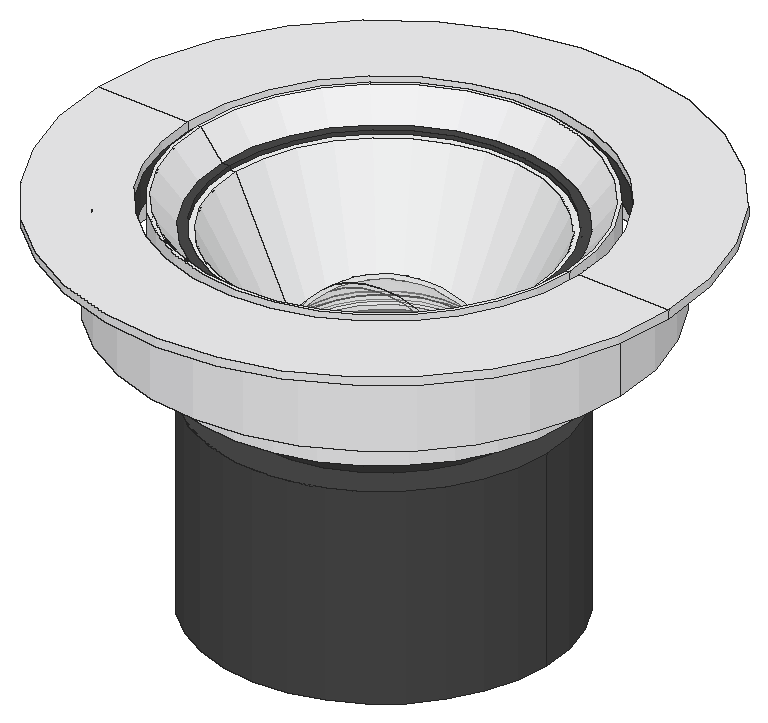
Revit family "2070040", category Lighting Fixtures, host Face, Revit 2018
Family settings
  Host = Face
  Round Connector Dimension = Use Diameter
  Part Type = Normal
  OmniClass Number = 23.80.70.11.17
  OmniClass Title = Specialized Lighting by Location or Use
  Cut with Voids When Loaded = No
  Light Source = No
  Shared = No
  Room Calculation Point = No
Parameters (values of type "2070040 EXPOSPOT 90 ADJ HE RA90 4000K WB WHITE")
  Weight = 0.77 kg  # constant formula
  Total Power Consumption = 27.9994 W
  Reflector Material = Aluminum_Sylvania_Expospot_Polished
  Radius = Diameter / 2  # 75.0 mm
  Product Code = "0060262"
  Photometric Web File = IES_Expospot_90_Adjustable : 0060272
  Photobiological Risk Group = "RG1"  # constant formula
  Nominal Frequency = "50/60Hz"  # constant formula
  Mounting Outer Radius = Head Radius + 3.0 mm  # 52.0 mm
  Max. Luminaires per 20A C Breaker = "45"  # constant formula
  Max. Luminaires per 20A B Breaker = "27"  # constant formula
  Max. Luminaires per 16A C Breaker = "35"  # constant formula
  Max. Luminaires per 16A B Breaker = "21"  # constant formula
  Max. Luminaires per 13A C Breaker = "28"  # constant formula
  Max. Luminaires per 13A B Breaker = "17"  # constant formula
  Max. Luminaires per 10A C Breaker = "21"  # constant formula
  Max. Luminaires per 10A B Breaker = "13"  # constant formula
  Light Loss Factor = 1  # constant formula
  Lamp Power Factor = 0.92
  LOR = "100%"  # constant formula
  Keynote = "n/a"
  Inrush Duration = "250µs"  # constant formula
  Inrush Current = 19.4 A  # constant formula
  Initial Intensity = 3126 lm
  Initial Color = 3000 K
  IP Rating = "IP20"  # constant formula
  IK Rating = "IK02"  # constant formula
  Height = 103.0 mm  # constant formula
  Voltage Comments = "220-240V~"  # constant formula
  Voltage = 240 V  # constant formula
  URL = "0.92"
  Product Page URL = "http://www.sylvania-lighting.com/product/en-int/products/0060262"
  Product Family = "EXPOSPOT 90 ADJUSTABLE"  # constant formula
  Head Radius = Radius - 26.0 mm  # 49.0 mm
  Head Diameter = Head Radius * 2  # 98.0 mm
  Head Angle [instance] = 0°
  Glow Wire Test = 850 °C  # constant formula
  Electrical Protection = "Class II"  # constant formula
  Drive Current = "700mA"  # constant formula
  Dimmable = "N"  # constant formula
  Diffuser Material = Acrylic_Sylvania_Expospot_3000K
  Diameter = 150.0 mm  # constant formula
  Cutout Diameter = Diameter - 10.0 mm  # 140.0 mm
  Created by URL = "http://all1studio.com/"
  Created by = "All 1 Studio Ltd. "  # constant formula
  Control Gear Type = "Electronic"  # constant formula
  Control Gear Required = "No"  # constant formula
  Control Gear Mounting = "Remote"  # constant formula
  Colour Variation Initial = "3SDCM"  # constant formula
  built-in parameter 1114216 [instance] = 1 (stored number, unit not read)
  Model = "EXPOSPOT 90 ADJUSTABLE HE RA90 4000K WB WHITE"
  Manufacturer = "Feilo Sylvania"  # constant formula
  Lamp = "LED"  # constant formula
  CRI = "80Ra"
  Body Material = Aluminum_Sylvania_Expospot_White
  Description = "Specifically designed for Retail and Display applications. I.e. Supermarkets Fashion Retail Department stores. Build around a 90mm reflector and lens combination."  # constant formula
  Default Elevation = 0.0 mm
  built-in parameter 1140040 [instance] = 1
  Beam Angle = 47°
  Average Life = "50 000h"  # constant formula
  Assembly Code = "D5020200"
  Apparent Load Comments = ""
  Apparent Load = 28 VA
  Body Secondary Material = Plastic_Sylvania_Expospot_Black
Reference planes
  plane 1 "Center (Front/Back)": y = 0
  plane 2: z = 0
  plane 3 "Center (Left/Right)": x = -7.423
  plane 4: z = 2
  plane 5: z = -22.5
  plane 6: x = -82.423
  plane 7: z = -5
Forms (mm)
  Revolve 1, solid, material "Aluminum_Sylvania_Expospot_White" <- "Body Material", detail levels fine
    sketch origin (0, 0, 0) x (1, 0, 0) y (0, 0, 1)
      loop
        line (-82.423, 2) -> (-82.423, 0) -> (-69.923, 0) -> (-69.923, -22.5) -> (-67.923, -22.5) -> (-67.923, 0) -> (-58.923, 0) -> (-58.923, 2) -> (-82.423, 2)
      axis (-7.423, 2) -> (-7.423, -22.5)
    angle from 0 to 360
  Revolve 2, solid, material "Plastic_Sylvania_Expospot_Black" <- "Body Secondary Material", detail levels fine
    sketch origin (0, 0, 0) x (1, 0, 0) y (0, 0, 1)
      loop
        line (-67.923, 0) -> (-67.923, -1.5) -> (-60.923, -1.5) -> (-60.923, -8.5) -> (-59.423, -8.5) -> (-59.423, 0) -> (-67.923, 0)
      axis (-7.423, 0) -> (-7.423, -8.5)
    angle from 0 to 360
  Extrusion 3, void
    sketch origin (0, 0, 0) x (1, 0, 0) y (0, 1, 0)
      loop
        circle (-7.423, 0) r 70
    from -116.997 to 69.443
  Extrusion 4, solid, material "Aluminum_Sylvania_Expospot_White" <- "Body Material", detail levels fine
    sketch origin (-7.423, 0, 0) x (0, 1, 0) y (0, 0, 1)
      loop
        circle (0, -5) r 3.5
    from 49 <- "Head Radius" to 52 <- "Mounting Outer Radius"
  Extrusion 5, solid, material "Aluminum_Sylvania_Expospot_White" <- "Body Material", detail levels fine
    sketch origin (-7.423, 0, 0) x (0, 1, 0) y (0, 0, -1)
      loop
        circle (0, 5) r 3.5
    from 49 <- "Head Radius" to 52 <- "Mounting Outer Radius"
  Revolve 6, solid, material "Aluminum_Sylvania_Expospot_White" <- "Body Material", detail levels coarse+medium
    sketch origin (0, 0, 0) x (1, 0, 0) y (0, 0, 1)
      loop
        line (-82.423, 2) -> (-82.423, 0) -> (-69.923, 0) -> (-69.923, -22.5) -> (-67.923, -22.5) -> (-67.923, -8.5) -> (-58.923, -8.5) -> (-58.923, 2) -> (-82.423, 2)
      axis (-7.423, 2) -> (-7.423, -22.5)
    angle from 0 to 360
Lines and regions (mm)
  Masking region 1
    outline origin (0, 0, 0) x (1, 0, 0) y (0, 1, 0)
      loop
        circle (-7.423, 0) r 75
  reference lines
    curve 1: line (-7.423, 0, -5) -> (-7.423, 0, -60)
  symbolic lines, detail levels fine
    curve 2: arc (-58.923, 0, 0) -> (-7.423, 51.5, 0) -> (44.077, 0, 0) r 51.5
    curve 3: arc (44.077, 0, 0) -> (-7.423, -51.5, 0) -> (-58.923, 0, 0) r 51.5
Dimensions and locks
  plane 4 to plane 2 to plane 7 to plane 5 = 2.0 mm locked, 5.0 mm locked, 17.5 mm locked
  "Radius": plane 6 to plane 3 "Center (Left/Right)"
  "Cutout Diameter": diameter of Extrusion 3 sketch curve
  "Head Angle": angle plane 1 "Center (Front/Back)" to curve 1
  aligned and locked: host face to plane 2
  aligned and locked: host face to level
  aligned and locked: plane 6 to Revolve 1 sketch curve
  aligned and locked: Revolve 1 sketch curve to plane 3 "Center (Left/Right)"
  aligned and locked: plane 1 "Center (Front/Back)" to curve 1
  aligned and locked: plane 7 to curve 1
  aligned and locked: plane 6 to Revolve 6 sketch curve
Automatic sketch dimensions
  host sketch curve to host sketch curve = 1412.252 mm
  host sketch curve to host sketch curve = 1359.6 mm
  Revolve 1 sketch curve to level = 0.0 mm  (x2)
  Revolve 1 sketch curve to plane 5 = 0.0 mm
  Revolve 1 sketch curve to plane 4 = 0.0 mm
  Revolve 1 sketch curve to Revolve 1 sketch curve = 12.5 mm
  Revolve 1 sketch curve to Revolve 1 sketch curve = 2.0 mm
  Revolve 1 sketch curve to Revolve 1 sketch curve = 9.0 mm
  Revolve 1 sketch curve to plane 5 = 349.774 mm
  plane 4 to Revolve 1 sketch curve = 1145.706 mm
  Revolve 2 sketch curve to level = 0.0 mm
  Revolve 2 sketch curve to plane 3 "Center (Left/Right)" = 0.0 mm
  Revolve 2 sketch curve to plane 6 = 23.0 mm
  Revolve 2 sketch curve to Revolve 2 sketch curve = 1.5 mm
  Revolve 2 sketch curve to level = 1.5 mm
  Revolve 2 sketch curve to Revolve 2 sketch curve = 7.0 mm
  Revolve 2 sketch curve to plane 7 = 3.5 mm
  Revolve 2 sketch curve to plane 5 = 349.774 mm
  plane 4 to Revolve 2 sketch curve = 1145.706 mm
  plane 1 "Center (Front/Back)" to Extrusion 3 sketch curve = 0.0 mm
  Extrusion 3 sketch curve to plane 3 "Center (Left/Right)" = 0.0 mm
  Extrusion 4 sketch curve to plane 1 "Center (Front/Back)" = 0.0 mm
  Extrusion 4 sketch curve to plane 7 = 0.0 mm
  Extrusion 5 sketch curve to plane 1 "Center (Front/Back)" = 0.0 mm
  Extrusion 5 sketch curve to plane 7 = 0.0 mm
  Revolve 6 sketch curve to level = 0.0 mm
  Revolve 6 sketch curve to plane 5 = 0.0 mm
  Revolve 6 sketch curve to plane 4 = 0.0 mm
  Revolve 6 sketch curve to plane 3 "Center (Left/Right)" = 0.0 mm
  Revolve 6 sketch curve to plane 6 = 12.5 mm
  Revolve 6 sketch curve to plane 7 = 3.5 mm
  Revolve 6 sketch curve to Revolve 6 sketch curve = 9.0 mm
  Revolve 6 sketch curve to plane 5 = 349.774 mm
  plane 4 to Revolve 6 sketch curve = 1145.706 mm
  Revolve 6 sketch curve to Revolve 6 sketch curve = 2.0 mm
  Masking region 1 sketch curve to Masking region 1 sketch curve = 0.0 mm  (x2)
  plane 1 "Center (Front/Back)" to Masking region 1 sketch curve = 0.0 mm
  Masking region 1 sketch curve to plane 6 = 0.0 mm
  Masking region 1 sketch curve to plane 3 "Center (Left/Right)" = 0.0 mm
  curve 2 to curve 3 = 0.0 mm  (x2)
  plane 1 "Center (Front/Back)" to curve 2 = 0.0 mm
  curve 3 to plane 3 "Center (Left/Right)" = 0.0 mm
  curve 3 to plane 6 = 23.5 mm
  radius of Extrusion 4 sketch curve = 3.5 mm
  radius of Extrusion 5 sketch curve = 3.5 mm
Nested families
  nested 1: "Head_Expospot 90" at (-7.423, 0, 2), type "Head_Expospot 90"
  nested 2: "IES_Expospot_90_Adjustable" at (-7.423, 0, 2), type <- "Photometric Web File", type "0060272"
Connectors
  electrical at (-7.423, 0, -101), driven by "Voltage", driven by "Apparent Load", driven by "Lamp Power Factor"
    settings: on nested 1, index 1, voltage 240 V, apparent load 0 VA, apparent load phase1 28 VA, apparent load phase2 0 VA, apparent load phase3 0 VA, power factor 0.92, load classification "Lighting", number of poles 1, system type 31, power factor state 1, is connector primary yes, connector utility no, sub classification motor no, connector description ""
Definition of nested family "Head_Expospot 90"
  Parameters (values of type "Head_Expospot 90")
    Reflector Material = none
    Radius = 49.0 mm
    Height = 103.0 mm
    Diffuser Material = none
    Default Elevation = 0.0 mm
    Cooling Radius = Radius - 6.0 mm  # 43.0 mm
    Body Secondary Material = none
    Body Material = none
  Reference planes
    plane 1 "Center (Front/Back)": y = 0
    plane 2: z = 0
    plane 3 "Center (Left/Right)": x = 0
    plane 4: z = -35.5
    plane 5: z = -6.5
    plane 6 "Fixture Radius": x = -49
    plane 7: z = -45
    plane 8: z = -95
    plane 9: z = -103
    plane 10 "Diffuser Radius": x = -24.5
    plane 11: z = -36.5
  Forms (mm)
    Revolve 1, solid, material <- "Body Material", detail levels fine
      sketch origin (0, 0, 0) x (1, 0, 0) y (0, 0, 1)
        loop
          line (-49, 0) -> (-49, -35.5) -> (-47, -35.5) -> (-47, -4.542) -> (-45.357, -6.5) -> (-42.746, -6.5) -> (-48.2, 0) -> (-49, 0)
        axis (0, 0) -> (0, -35.5)
      angle from 0 to 360
    Revolve 2, solid, material <- "Reflector Material", detail levels fine
      sketch origin (0, 0, 0) x (1, 0, 0) y (0, 0, 1)
        loop
          line (-41, -7.5) -> (-41, -8.5) -> (-39.623, -8.5) -> (-25.123, -37.5) -> (-20.5, -37.5) -> (-20.5, -36.5) -> (-24.5, -36.5) -> (-39, -7.5) -> (-41, -7.5)
        axis (0, -7.5) -> (0, -37.5)
      angle from 0 to 360
    Revolve 3, solid, material <- "Body Secondary Material", detail levels fine
      sketch origin (0, 0, 0) x (1, 0, 0) y (0, 0, 1)
        loop
          line (-47, -6.5) -> (-47, -35.5) -> (-42.5, -35.5) -> (-35.078, -45) -> (0, -45) -> (0, -37.5) -> (-24.5, -37.5) -> (-24.5, -44) -> (-34.59, -44) -> (-42.012, -34.5) -> (-46, -34.5) -> (-46, -7.5) -> (-40.5, -7.5) -> (-40.5, -6.5) -> (-47, -6.5)
        axis (0, -6.5) -> (0, -45)
      angle from 0 to 360
    Revolve 4, solid, material <- "Body Secondary Material", detail levels fine
      sketch origin (0, 0, 0) x (1, 0, 0) y (0, 0, 1)
        loop
          line (-30, -95) -> (-30, -97) -> (-28, -103) -> (0, -103) -> (0, -95) -> (-30, -95)
        axis (0, -95) -> (0, -103)
      angle from 0 to 360
    Extrusion 5, solid, material <- "Body Secondary Material", detail levels fine
      sketch origin (0, 0, 0) x (1, 0, 0) y (0, 1, 0)
        loop
          circle (0, 0) r 43
      from -95 to -45
    Extrusion 6, solid, material <- "Body Material", detail levels coarse+medium
      sketch origin (0, 0, 0) x (1, 0, 0) y (0, 1, 0)
        loop
          circle (0, 0) r 49
      from -103 to 0
    Revolve 7, solid, material <- "Diffuser Material", detail levels fine
      sketch origin (0, 0, 0) x (1, 0, 0) y (0, 0, 1)
        loop
          line (-22.5, -34.5) -> (-22.5, -36.5) -> (-21.5, -36.5) -> (-21.5, -34.77)
          arc (-21.5, -34.77) -> (-12.378, -25.783) -> (0, -22.5) r 24.971
          line (0, -22.5) -> (0, -21.5)
          arc (0, -21.5) -> (-12.993, -24.984) -> (-22.5, -34.5) r 25.971
        axis (0, -21.5) -> (0, -36.5)
      angle from 0 to 360
  Dimensions and locks
    "Radius": plane 3 "Center (Left/Right)" to plane 6 "Fixture Radius"
    locked: Revolve 4 sketch curve to plane 6 "Fixture Radius" at 19
    locked: plane 10 "Diffuser Radius" to plane 6 "Fixture Radius" at 24.5
    Revolve 7 sketch curve to Revolve 7 sketch curve to plane 11 = 1.0 mm locked, 14.0 mm locked
    plane 10 "Diffuser Radius" to Revolve 7 sketch curve to Revolve 7 sketch curve = 2.0 mm locked, 1.0 mm locked
    "Height": plane 2 to plane 9
    locked: plane 8 to plane 9 at 8
    plane 2 to plane 5 to plane 4 to plane 11 to plane 7 = 6.5 mm locked, 29.0 mm locked, 1.0 mm locked, 8.5 mm locked
    "Radius": radius of Extrusion 6 sketch curve
    "Cooling Radius": radius of Extrusion 5 sketch curve
    aligned and locked: level to plane 2
    aligned and locked: Revolve 1 sketch curve to plane 6 "Fixture Radius"
    aligned and locked: Extrusion 5 to plane 8
    aligned and locked: plane 7 to Extrusion 5
    aligned and locked: Extrusion 6 to plane 9
    aligned and locked: plane 2 to Extrusion 6
    aligned and locked: Revolve 1 sketch curve to plane 4
  Automatic sketch dimensions
    Revolve 4 sketch curve to plane 8 = 0.0 mm
    Revolve 4 sketch curve to plane 9 = 0.0 mm
    Revolve 4 sketch curve to plane 3 "Center (Left/Right)" = 0.0 mm  (x2)
    Revolve 4 sketch curve to plane 8 = 2.0 mm
    Revolve 4 sketch curve to Revolve 4 sketch curve = 2.0 mm
    Revolve 4 sketch curve to plane 9 = 265.545 mm
    level to Revolve 4 sketch curve = 2214.315 mm
    Revolve 1 sketch curve to level = 0.0 mm
    Revolve 1 sketch curve to plane 3 "Center (Left/Right)" = 0.0 mm
    Revolve 1 sketch curve to Revolve 1 sketch curve = 0.8 mm
    Revolve 1 sketch curve to Revolve 1 sketch curve = 2.0 mm
    plane 5 to Revolve 1 sketch curve = 1.958 mm
    Revolve 1 sketch curve to plane 5 = 0.0 mm
    Revolve 1 sketch curve to Revolve 1 sketch curve = 1.643 mm
    Revolve 1 sketch curve to Revolve 1 sketch curve = 2.611 mm
    Revolve 1 sketch curve to plane 9 = 288.545 mm
    level to Revolve 1 sketch curve = 2214.315 mm
    plane 10 "Diffuser Radius" to Revolve 2 sketch curve = 0.0 mm
    Revolve 2 sketch curve to plane 3 "Center (Left/Right)" = 0.0 mm
    Revolve 2 sketch curve to plane 11 = 0.0 mm
    Revolve 2 sketch curve to plane 5 = 1.0 mm
    plane 6 "Fixture Radius" to Revolve 2 sketch curve = 10.0 mm
    Revolve 2 sketch curve to Revolve 2 sketch curve = 2.0 mm
    Revolve 2 sketch curve to plane 10 "Diffuser Radius" = 4.0 mm
    Revolve 2 sketch curve to Revolve 2 sketch curve = 383.045 mm
    Revolve 2 sketch curve to Revolve 2 sketch curve = 2221.815 mm
    plane 10 "Diffuser Radius" to Revolve 2 sketch curve = 0.623 mm
    Revolve 2 sketch curve to Revolve 2 sketch curve = 0.623 mm
    Revolve 2 sketch curve to Revolve 2 sketch curve = 1.0 mm
    Revolve 2 sketch curve to plane 11 = 1.0 mm
    Revolve 3 sketch curve to plane 5 = 0.0 mm
    Revolve 3 sketch curve to plane 4 = 0.0 mm
    Revolve 3 sketch curve to plane 7 = 0.0 mm
    plane 10 "Diffuser Radius" to Revolve 3 sketch curve = 0.0 mm
    Revolve 3 sketch curve to plane 3 "Center (Left/Right)" = 0.0 mm  (x2)
    plane 7 to Revolve 3 sketch curve = 1.0 mm
    plane 10 "Diffuser Radius" to Revolve 3 sketch curve = 10.09 mm
    Revolve 3 sketch curve to Revolve 3 sketch curve = 0.488 mm  (x2)
    Revolve 3 sketch curve to plane 5 = 1.0 mm
    plane 6 "Fixture Radius" to Revolve 3 sketch curve = 8.5 mm
    plane 4 to Revolve 3 sketch curve = 1.0 mm
    plane 6 "Fixture Radius" to Revolve 3 sketch curve = 6.988 mm
    plane 6 "Fixture Radius" to Revolve 3 sketch curve = 3.0 mm
    Revolve 3 sketch curve to Revolve 3 sketch curve = 1.0 mm
    Revolve 3 sketch curve to plane 9 = 265.545 mm
    level to Revolve 3 sketch curve = 2214.315 mm
    Revolve 3 sketch curve to plane 11 = 1.0 mm
    Revolve 7 sketch curve to Revolve 7 sketch curve = 0.0 mm
    Revolve 7 sketch curve to plane 11 = 0.0 mm
    Revolve 7 sketch curve to plane 3 "Center (Left/Right)" = 0.0 mm  (x2)
    plane 4 to Revolve 7 sketch curve = 0.73 mm
    Revolve 7 sketch curve to plane 9 = 278.0 mm
    level to Revolve 7 sketch curve = 156.383 mm
    plane 1 "Center (Front/Back)" to Extrusion 5 sketch curve = 0.0 mm
    Extrusion 5 sketch curve to plane 3 "Center (Left/Right)" = 0.0 mm
    plane 1 "Center (Front/Back)" to Extrusion 6 sketch curve = 0.0 mm
    Extrusion 6 sketch curve to plane 3 "Center (Left/Right)" = 0.0 mm
Definition of nested family "IES_Expospot_90_Adjustable"
  Parameters (values of type "0060286")
    Wattage = 34.9993 W
    built-in parameter 1150110 = 1 (stored number, unit not read)
    Total Power Consumption = 34.9993 W
    built-in parameter 1114217 = 1 (stored number, unit not read)
    Tilt Angle = -90°
    built-in parameter 1150109 = 1 (stored number, unit not read)
    built-in parameter 1150134 = (empty or 0)
    built-in parameter 1150113 = 1 (stored number, unit not read)
    Photometric Web File = "0060286.ies"
    built-in parameter 1150105 = 296.11 (stored number, unit not read)
    Lumens = 3721 lm
    built-in parameter 1150115 = 1 (stored number, unit not read)
    built-in parameter 1150137 = (empty or 0)
    built-in parameter 1150139 = (empty or 0)
    built-in parameter 1150112 = 1 (stored number, unit not read)
    built-in parameter 1150114 = 1 (stored number, unit not read)
    built-in parameter 1150132 = 2
    built-in parameter 1150102 = 3721
    built-in parameter 1150107 = 3000 (stored number, unit not read)
    built-in parameter 1150138 = 3000
    built-in parameter 1150106 = 2.9611 (stored number, unit not read)
    Emit from Circle Diameter = 98.0 mm
    Emit Shape Visible in Rendering = no
    built-in parameter 1150104 = 9.8771 (stored number, unit not read)
    Dimming Lamp Color Temperature Shift = (empty or 0)
    Default Elevation = 0.0 mm
    Color Filter = 16777215
    built-in parameter 1114218 = 1 (stored number, unit not read)
    built-in parameter 1150133 = 10 (stored number, unit not read)
    Apparent Load = 34.9993 VA
  Types (24, lengths in mm): name | Wattage | Total Power Consumption | built-in parameter 1150134 | Photometric Web File | built-in parameter 1150105 | Lumens | built-in parameter 1150102 | built-in parameter 1150107 | built-in parameter 1150138 | built-in parameter 1150106 | built-in parameter 1150104 | Apparent Load
    0060296 | 34.9993 W | 34.9993 W | 12 | "0060296.ies" | 276.85 (stored number, unit not read) | 3479 lm | 3479 | 4000 (stored number, unit not read) | 4000 | 2.7685 (stored number, unit not read) | 9.2348 (stored number, unit not read) | 34.9993 VA
    0060295 | 34.9993 W | 34.9993 W | 12 | "0060295.ies" | 275.18 (stored number, unit not read) | 3458 lm | 3458 | 4000 (stored number, unit not read) | 4000 | 2.7518 (stored number, unit not read) | 9.179 (stored number, unit not read) | 34.9993 VA
    0060294 | 34.9993 W | 34.9993 W | 12 | "0060294.ies" | 284.09 (stored number, unit not read) | 3570 lm | 3570 | 4000 (stored number, unit not read) | 4000 | 2.8409 (stored number, unit not read) | 9.4763 (stored number, unit not read) | 34.9993 VA
    0060293 | 34.9993 W | 34.9993 W | (empty or 0) | "0060293.ies" | 262.05 (stored number, unit not read) | 3293 lm | 3293 | 3000 (stored number, unit not read) | 3000 | 2.6205 (stored number, unit not read) | 8.741 (stored number, unit not read) | 34.9993 VA
    0060292 | 34.9993 W | 34.9993 W | (empty or 0) | "0060292.ies" | 253.06 (stored number, unit not read) | 3180 lm | 3180 | 3000 (stored number, unit not read) | 3000 | 2.5306 (stored number, unit not read) | 8.4411 (stored number, unit not read) | 34.9993 VA
    0060291 | 34.9993 W | 34.9993 W | (empty or 0) | "0060291.ies" | 268.1 (stored number, unit not read) | 3369 lm | 3369 | 3000 (stored number, unit not read) | 3000 | 2.681 (stored number, unit not read) | 8.9428 (stored number, unit not read) | 34.9993 VA
    0060290 | 34.9993 W | 34.9993 W | 12 | "0060290.ies" | 313.69 (stored number, unit not read) | 3942 lm | 3942 | 4000 (stored number, unit not read) | 4000 | 3.1369 (stored number, unit not read) | 10.464 (stored number, unit not read) | 34.9993 VA
    0060289 | 34.9993 W | 34.9993 W | 12 | "0060289.ies" | 306.53 (stored number, unit not read) | 3852 lm | 3852 | 4000 (stored number, unit not read) | 4000 | 3.0653 (stored number, unit not read) | 10.225 (stored number, unit not read) | 34.9993 VA
    0060288 | 34.9993 W | 34.9993 W | 12 | "0060288.ies" | 327.94 (stored number, unit not read) | 4121 lm | 4121 | 4000 (stored number, unit not read) | 4000 | 3.2794 (stored number, unit not read) | 10.939 (stored number, unit not read) | 34.9993 VA
    0060287 | 34.9993 W | 34.9993 W | (empty or 0) | "0060287.ies" | 297.3 (stored number, unit not read) | 3736 lm | 3736 | 3000 (stored number, unit not read) | 3000 | 2.973 (stored number, unit not read) | 9.9169 (stored number, unit not read) | 34.9993 VA
    0060286 | 34.9993 W | 34.9993 W | (empty or 0) | "0060286.ies" | 296.11 (stored number, unit not read) | 3721 lm | 3721 | 3000 (stored number, unit not read) | 3000 | 2.9611 (stored number, unit not read) | 9.8771 (stored number, unit not read) | 34.9993 VA
    0060272 | 27.9994 W | 27.9994 W | 12 | "0060272.ies" | 227.19 (stored number, unit not read) | 2855 lm | 2855 | 4000 (stored number, unit not read) | 4000 | 2.2719 (stored number, unit not read) | 9.473 (stored number, unit not read) | 27.9994 VA
    0060271 | 27.9994 W | 27.9994 W | 12 | "0060271.ies" | 225.68 (stored number, unit not read) | 2836 lm | 2836 | 4000 (stored number, unit not read) | 4000 | 2.2568 (stored number, unit not read) | 9.4099 (stored number, unit not read) | 27.9994 VA
    0060270 | 27.9994 W | 27.9994 W | 12 | "0060270.ies" | 221.94 (stored number, unit not read) | 2789 lm | 2789 | 4000 (stored number, unit not read) | 4000 | 2.2194 (stored number, unit not read) | 9.254 (stored number, unit not read) | 27.9994 VA
    0060269 | 27.9994 W | 27.9994 W | (empty or 0) | "0060269.ies" | 206.03 (stored number, unit not read) | 2589 lm | 2589 | 3000 (stored number, unit not read) | 3000 | 2.0603 (stored number, unit not read) | 8.5904 (stored number, unit not read) | 27.9994 VA
    0060268 | 27.9994 W | 27.9994 W | (empty or 0) | "0060268.ies" | 204.75 (stored number, unit not read) | 2573 lm | 2573 | 3000 (stored number, unit not read) | 3000 | 2.0475 (stored number, unit not read) | 8.5373 (stored number, unit not read) | 27.9994 VA
    0060267 | 27.9994 W | 27.9994 W | (empty or 0) | "0060267.ies" | 201.81 (stored number, unit not read) | 2536 lm | 2536 | 3000 (stored number, unit not read) | 3000 | 2.0181 (stored number, unit not read) | 8.4145 (stored number, unit not read) | 27.9994 VA
    0060266 | 27.9994 W | 27.9994 W | 12 | "0060266.ies" | 256.96 (stored number, unit not read) | 3229 lm | 3229 | 4000 (stored number, unit not read) | 4000 | 2.5696 (stored number, unit not read) | 10.714 (stored number, unit not read) | 27.9994 VA
    0060265 | 27.9994 W | 27.9994 W | 12 | "0060265.ies" | 257.19 (stored number, unit not read) | 3232 lm | 3232 | 4000 (stored number, unit not read) | 4000 | 2.5719 (stored number, unit not read) | 10.724 (stored number, unit not read) | 27.9994 VA
    0060264 | 27.9994 W | 27.9994 W | 12 | "0060264.ies" | 250.27 (stored number, unit not read) | 3145 lm | 3145 | 4000 (stored number, unit not read) | 4000 | 2.5027 (stored number, unit not read) | 10.435 (stored number, unit not read) | 27.9994 VA
    0060263 | 27.9994 W | 27.9994 W | (empty or 0) | "0060263.ies" | 252.58 (stored number, unit not read) | 3174 lm | 3174 | 3000 (stored number, unit not read) | 3000 | 2.5258 (stored number, unit not read) | 10.531 (stored number, unit not read) | 27.9994 VA
    0060262 | 27.9994 W | 27.9994 W | (empty or 0) | "0060262.ies" | 248.76 (stored number, unit not read) | 3126 lm | 3126 | 3000 (stored number, unit not read) | 3000 | 2.4876 (stored number, unit not read) | 10.372 (stored number, unit not read) | 27.9994 VA
    0060261 | 27.9993 W | 28 W | (empty or 0) | "0060261.ies" | 3140.4 (stored number, unit not read) | 3174 lm | 3479 | 3000 (stored number, unit not read) | 4000 | 31.404 (stored number, unit not read) | 10.531 (stored number, unit not read) | 28 VA
    0060285 | 35.0009 W | 34.9993 W | (empty or 0) | "0060285.ies" | 4452.3 (stored number, unit not read) | 3946 lm | 3721 | 3000 (stored number, unit not read) | 3000 | 44.523 (stored number, unit not read) | 10.474 (stored number, unit not read) | 34.9993 VA
  Reference planes
    plane 1 "Center (Front/Back)": y = 0
    plane 2: z = 0
    plane 3 "Center (Left/Right)": x = 0
  Dimensions and locks
    aligned and locked: level to plane 2
    aligned and locked: plane 3 "Center (Left/Right)" to imposter light
    aligned and locked: plane 1 "Center (Front/Back)" to imposter light
    aligned and locked: level to imposter light
